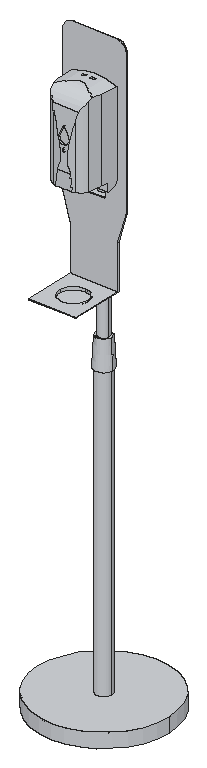
Revit family "AX9497+AX9428-HA-W_0012", category Modèles génériques, Revit 2023
Family settings
  Hôte = Sol
  Peut héberger une armature = Non
  Cote de connecteur circulaire = Utiliser le diamètre
  Type d'élément = Normal
  Toujours verticalement = Oui
  Couper avec des vides une fois chargée = Non
  Conserver l'orientation des annotations = Non
  Partagée = Non
  Repère de localisation dans la pièce = Non
Parameters
  URL = "https://www.axeuro.com/fr/distributeurs-de-gel-hydroalcoolique/26175-distributeur-de-gel-hydroalcoolique-sur-pied-ax9497ax9428-ha-w.html"
  Type de produit / Type of product = "Distributeur automatique de gel hydroalcoolique sur pied"  # constant formula
  Référence / Reference = "AX9497+AX9428-HA-W"  # constant formula
  Entreprise / Company = "Axeuro"  # constant formula
  Elévation par défaut = 0 mm
Reference planes
  plane 1 "Centre (avant/arrière)": y = 0
  plane 2: z = 0
  plane 3 "Centre (gauche/droite)": x = 0
Forms (mm)
  Extrusion 1, solid
    sketch origin (162.428, -49.928, 0) x (1, 0, 0) y (0, 1, 0)
      loop
        circle (-162.428, 49.928) r 160
    from 0 to 35
  Extrusion 2, solid
    sketch origin (0, 0, 0) x (1, 0, 0) y (0, 1, 0)
      loop
        circle (0, 0) r 19
    from 35 to 745
  Blend 3, solid
    base sketch origin (0, 0, 880) x (1, 0, 0) y (0, 1, 0)
      loop
        circle (0, 0) r 22.5
    top sketch origin (0, 0, 0) x (1, 0, 0) y (0, 1, 0)
      loop
        circle (0, 0) r 18.456
    from -135 to 815
  Extrusion 4, solid
    sketch origin (0, 0, 0) x (1, 0, 0) y (0, 1, 0)
      loop
        circle (0, 0) r 12.5
    from 815 to 1329.4
  Extrusion 5, solid
    sketch origin (58.525, -26.5, -230.867) x (1, 0, 0) y (0, 0, 1)
      loop
        line (-1.025, 1170.867) -> (-1.025, 1280.867) -> (18.975, 1350.867) -> (18.975, 1701.731)
        arc (18.975, 1701.731) -> (12.198, 1718.09) -> (-4.161, 1724.867) r 23.136
        line (-4.161, 1724.867) -> (-112.889, 1724.867)
        arc (-112.889, 1724.867) -> (-129.249, 1718.09) -> (-136.025, 1701.731) r 23.136
        line (-136.025, 1701.731) -> (-136.025, 1350.867) -> (-116.025, 1280.867) -> (-116.025, 1170.867) -> (-1.025, 1170.867)
      loop
        arc (-108.525, 1605.867) -> (-111.025, 1603.367) -> (-108.525, 1600.867) r 2.5
        line (-108.525, 1600.867) -> (-88.525, 1600.867)
        arc (-88.525, 1600.867) -> (-86.025, 1603.367) -> (-88.525, 1605.867) r 2.5
        line (-88.525, 1605.867) -> (-108.525, 1605.867)
      loop
        arc (-28.525, 1605.867) -> (-31.025, 1603.367) -> (-28.525, 1600.867) r 2.5
        line (-28.525, 1600.867) -> (-8.525, 1600.867)
        arc (-8.525, 1600.867) -> (-6.025, 1603.367) -> (-8.525, 1605.867) r 2.5
        line (-8.525, 1605.867) -> (-28.525, 1605.867)
      loop
        arc (-108.525, 1487.867) -> (-111.025, 1485.367) -> (-108.525, 1482.867) r 2.5
        line (-108.525, 1482.867) -> (-88.525, 1482.867)
        arc (-88.525, 1482.867) -> (-86.025, 1485.367) -> (-88.525, 1487.867) r 2.5
        line (-88.525, 1487.867) -> (-108.525, 1487.867)
      loop
        arc (-28.525, 1487.867) -> (-31.025, 1485.367) -> (-28.525, 1482.867) r 2.5
        line (-28.525, 1482.867) -> (-8.525, 1482.867)
        arc (-8.525, 1482.867) -> (-6.025, 1485.367) -> (-8.525, 1487.867) r 2.5
        line (-8.525, 1487.867) -> (-28.525, 1487.867)
      loop
        arc (-108.525, 1512.367) -> (-111.025, 1509.867) -> (-108.525, 1507.367) r 2.5
        line (-108.525, 1507.367) -> (-88.525, 1507.367)
        arc (-88.525, 1507.367) -> (-86.025, 1509.867) -> (-88.525, 1512.367) r 2.5
        line (-88.525, 1512.367) -> (-108.525, 1512.367)
      loop
        arc (-28.525, 1512.367) -> (-31.025, 1509.867) -> (-28.525, 1507.367) r 2.5
        line (-28.525, 1507.367) -> (-8.525, 1507.367)
        arc (-8.525, 1507.367) -> (-6.025, 1509.867) -> (-8.525, 1512.367) r 2.5
        line (-8.525, 1512.367) -> (-28.525, 1512.367)
      loop
        circle (-31.763, 1610.367) r 2.5
      loop
        circle (-85.288, 1610.367) r 2.5
    from 0 to 1.496
  Extrusion 6, solid
    sketch origin (-109.482, -92.345, -288.1) x (1, 0, 0) y (0, 1, 0)
      loop
        line (51.982, 65.845) -> (51.982, -64.155) -> (166.982, -64.155) -> (166.982, 65.845) -> (51.982, 65.845)
      loop
        circle (109.482, 0.097) r 35
    from 1228.1 to 1229.6
  Extrusion 7, solid
    sketch origin (0, -26.5, -230.867) x (1, 0, 0) y (0, 1, 0)
      loop
        circle (0, -65.748) r 35
    from 1165.367 to 1172.367
  Extrusion 8, void
    sketch origin (0, -14, -16) x (1, 0, 0) y (0, 0, 1)
      loop
        line (27.5, 1329.4) -> (27.5, 1357.5)
        arc (27.5, 1357.5) -> (0, 1385) -> (-27.5, 1357.5) r 27.5
        line (-27.5, 1357.5) -> (-27.5, 1329.4) -> (27.5, 1329.4)
    from 12.5 to 13.996
  Extrusion 9, solid
    sketch origin (0, 0, -17.496) x (1, 0, 0) y (0, 1, 0)
      loop
        circle (0, 0) r 15
    from 1332.392 to 1336.359
  Extrusion 10, void
    sketch origin (0, -14, -196) x (1, 0, 0) y (0, 0, 1)
      loop
        line (27.5, 1329.4) -> (27.5, 1357.5)
        arc (27.5, 1357.5) -> (0, 1385) -> (-27.5, 1357.5) r 27.5
        line (-27.5, 1357.5) -> (-27.5, 1329.4) -> (27.5, 1329.4)
    from 12.5 to 13.996
  Extrusion 11, solid
    sketch origin (0, -1355.9, 1300.9) x (1, 0, 0) y (0, 1, 0)
      loop
        line (-27.5, 1357.5) -> (-27.5, 1329.4) -> (27.5, 1329.4) -> (27.5, 1357.5)
        arc (27.5, 1357.5) -> (0, 1385) -> (-27.5, 1357.5) r 27.5
    from 12.5 to 13.996
  Extrusion 12, solid
    sketch origin (0, -1355.9, 1120.9) x (1, 0, 0) y (0, 1, 0)
      loop
        line (-27.5, 1357.5) -> (-27.5, 1329.4) -> (27.5, 1329.4) -> (27.5, 1357.5)
        arc (27.5, 1357.5) -> (0, 1385) -> (-27.5, 1357.5) r 27.5
    from 12.5 to 13.996
  Extrusion 13, void
    sketch origin (0, 0, 0) x (1, 0, 0) y (0, 1, 0)
      loop
        circle (0, -92.248) r 33.469
    from 936 to 941.5
  Extrusion 14, solid
    sketch origin (77.512, 890.294, 1150) x (-1, 0, 0) y (0, -1, 0)
      loop
        arc (131.512, 918.29) -> (130.153, 940.821) -> (128.012, 963.29) r 649.548
        arc (128.012, 963.29) -> (126.063, 977.837) -> (123.512, 992.29) r 353.068
        arc (123.512, 992.29) -> (115.839, 1002.832) -> (104.512, 1009.29) r 31.018
        arc (104.512, 1009.29) -> (91.171, 1012.368) -> (77.512, 1013.29) r 86.032
        arc (77.512, 1013.29) -> (63.852, 1012.368) -> (50.512, 1009.29) r 86.032
        arc (50.512, 1009.29) -> (39.184, 1002.832) -> (31.512, 992.29) r 31.018
        arc (31.512, 992.29) -> (28.96, 977.837) -> (27.012, 963.29) r 353.068
        arc (27.012, 963.29) -> (24.871, 940.821) -> (23.512, 918.29) r 649.548
        line (23.512, 918.29) -> (131.512, 918.29)
    from 19 to 250
  Extrusion 15, void
    sketch origin (0, 47.004, 452.989) x (0, -1, 0) y (0, 0, 1)
      loop
        line (75, 947.011) -> (116, 947.011)
        arc (116, 947.011) -> (145.264, 936.029) -> (164, 911.011) r 55.682
        arc (164, 911.011) -> (168.938, 842.1) -> (169, 773.011) r 978.153
        arc (169, 773.011) -> (167.893, 733.278) -> (166.162, 693.567) r 2533.882
        line (166.162, 693.567) -> (199, 693.567) -> (199, 951.011) -> (75, 951.011) -> (75, 947.011)
    from -80.116 to 80
  Extrusion 16, void
    sketch origin (0, -27.996, 452.989) x (-1, 0, 0) y (0, 0, 1)
      loop
        line (54, 936.011) -> (64, 936.011) -> (64, 956.011) -> (-62.501, 956.011) -> (-62.501, 936.011) -> (-54, 936.011)
        arc (-54, 936.011) -> (0, 947.011) -> (54, 936.011) r 138.045
    from -132.668 to 15.486
  Extrusion 17, void
    sketch origin (0, -27.996, 491.989) x (-1, 0, 0) y (0, 0, 1)
      loop
        line (52.604, 677.014) -> (52.604, 695.511)
        arc (52.604, 695.511) -> (51.871, 697.281) -> (50.102, 698.014) r 2.502
        arc (50.102, 698.014) -> (25.078, 696.225) -> (0, 695.511) r 584.194
        arc (0, 695.511) -> (-25.078, 696.225) -> (-50.102, 698.014) r 584.194
        arc (-50.102, 698.014) -> (-51.871, 697.281) -> (-52.604, 695.511) r 2.502
        line (-52.604, 695.511) -> (-52.604, 677.014) -> (52.604, 677.014)
    from -109.954 to -25
  Extrusion 18, void
    sketch origin (0, 47.004, 491.989) x (0, -1, 0) y (0, 0, 1)
      loop
        line (75, 677.011) -> (98, 677.011)
        arc (98, 677.011) -> (83.991, 681.405) -> (75, 693.011) r 24.531
        line (75, 693.011) -> (75, 677.011)
    from -80.116 to 80
  Extrusion 19, void
    sketch origin (-112.858, -27.996, 479.927) x (-1, 0, 0) y (0, 0, 1)
      loop
        arc (-111.303, 844.075) -> (-112.858, 845.073) -> (-114.413, 844.075) r 1.711
        arc (-114.413, 844.075) -> (-121.302, 831.496) -> (-126.349, 818.073) r 101.512
        arc (-126.349, 818.073) -> (-112.858, 805.073) -> (-99.367, 818.073) r 13.5
        arc (-99.367, 818.073) -> (-104.414, 831.496) -> (-111.303, 844.075) r 101.512
    from -95.83 to -91.001
  Extrusion 20, void
    sketch origin (-50.861, 155.873, 452.989) x (-1, 0, 0) y (0, -1, 0)
      loop
        line (-65.861, 204.869) -> (-65.861, 199.869) -> (-56.861, 199.869) -> (-56.861, 204.869) -> (-65.861, 204.869)
    from 943.887 to 949.708
  Extrusion 21, void
    sketch origin (50.861, 155.873, 452.989) x (1, 0, 0) y (0, 1, 0)
      loop
        line (-65.861, -204.869) -> (-56.861, -204.869) -> (-56.861, -199.869) -> (-65.861, -199.869) -> (-65.861, -204.869)
    from 943.887 to 949.708
  Extrusion 22, void
    sketch origin (0, -27.996, 458.857) x (-1, 0, 0) y (0, 0, 1)
      loop
        circle (0, 814.143) r 3
    from -95.83 to -92.164
  Extrusion 23, void
    sketch origin (82.664, 47.004, 483.768) x (-1, 0, 0) y (0, 0, 1)
      loop
        arc (107.614, 893.102) -> (109.414, 885.002) -> (111.214, 893.102) r 4.25
        line (111.214, 893.102) -> (111.214, 897.067)
        arc (111.214, 897.067) -> (109.414, 898.232) -> (107.614, 897.067) r 1.974
        line (107.614, 897.067) -> (107.614, 893.102)
    from -76.045 to -75
  Extrusion 24, void
    sketch origin (-71.414, 47.004, 407.768) x (1, 0, 0) y (0, 0, -1)
      loop
        line (107.614, -893.102) -> (107.614, -897.067)
        arc (107.614, -897.067) -> (109.414, -898.232) -> (111.214, -897.067) r 1.974
        line (111.214, -897.067) -> (111.214, -893.102)
        arc (111.214, -893.102) -> (109.414, -885.002) -> (107.614, -893.102) r 4.25
    from -76.045 to -75
  Extrusion 25, void
    sketch origin (136.164, 47.004, 483.768) x (-1, 0, 0) y (0, 0, 1)
      loop
        arc (107.614, 893.102) -> (109.414, 885.002) -> (111.214, 893.102) r 4.25
        line (111.214, 893.102) -> (111.214, 897.067)
        arc (111.214, 897.067) -> (109.414, 898.232) -> (107.614, 897.067) r 1.974
        line (107.614, 897.067) -> (107.614, 893.102)
    from -76.045 to -75
  Extrusion 26, void
    sketch origin (71.414, 47.004, 407.768) x (-1, 0, 0) y (0, 0, 1)
      loop
        arc (107.614, 893.102) -> (109.414, 885.002) -> (111.214, 893.102) r 4.25
        line (111.214, 893.102) -> (111.214, 897.067)
        arc (111.214, 897.067) -> (109.414, 898.232) -> (107.614, 897.067) r 1.974
        line (107.614, 897.067) -> (107.614, 893.102)
    from -76.045 to -75
Cuts and joins
  Extrusion 8, Extrusion 10 cuts Extrusion 5
  Extrusion 8, Extrusion 10, Extrusion 13 cuts Extrusion 6
  Extrusion 13 cuts Extrusion 7
  joined: Extrusion 5, Extrusion 6, Extrusion 7, Extrusion 11
  Extrusion 8 cuts Extrusion 4
  Extrusion 10 cuts Extrusion 9
  Extrusion 13 cuts Extrusion 1
  Extrusion 15, Extrusion 16, Extrusion 17, Extrusion 18, Extrusion 19, Extrusion 20, Extrusion 21, Extrusion 22, Extrusion 23, Extrusion 24, Extrusion 25, Extrusion 26 cuts Extrusion 14
Lines and regions (mm)
  reference lines
    curve 1: line (0, 43.1, 0) -> (0, 29.1, 0)
Dimensions and locks
  aligned and locked: level to plane 2
